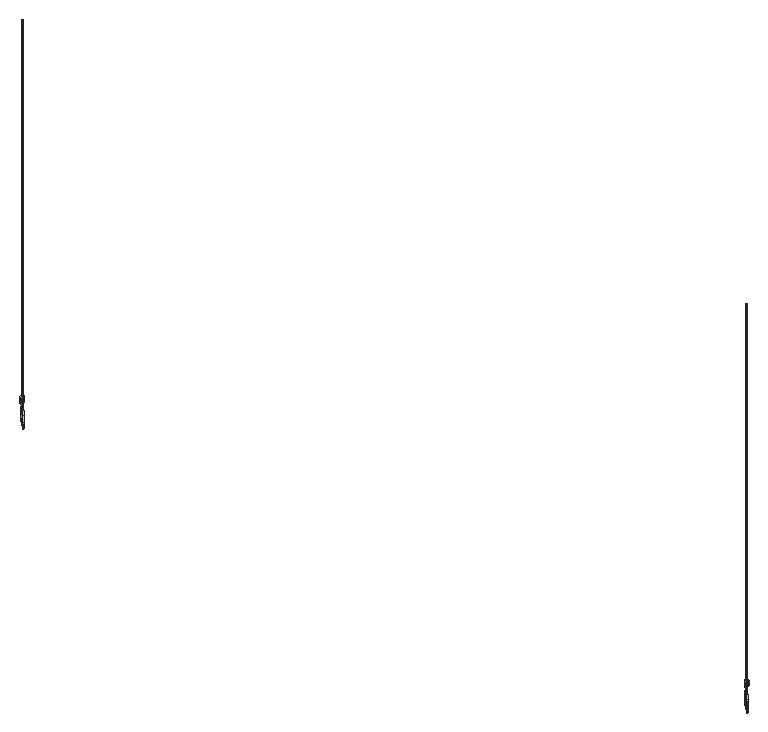
Revit family "Wire_Array-HunterDouglas-Lay-In", category Specialty Equipment, Revit 2013
Parameters (values of type "Parametric")
  ecoScorecard_data = "http://products.ecoscorecard.com/hunterdouglascontract/PTLI"
  ecoScorecard Product Page = "http://hunterdouglascontract.ecoscorecard.com/product/PTLI?base_search=product_category_A1035"
  Wire Visibility = yes
  Wire Hanger = Metal - Aluminum Frame - HunterDouglas - Painted White
  URL = "http://www.hunterdouglascontract.com/ceilings/index.jsp"
  Subcategory = "Metal – Plank and Tile"  # constant formula
  Product Line = "Lay-In"  # constant formula
  Perforations = "http://www.hunterdouglascontract.com/ceilings/metalsystems/plank/layin/index.jsp?t=perfPage"
  Overall Length [instance] = (# of Wires - 1) * Wire Spacing  # 4' - 0"
  Model = "Lay-In Hanger-Wire"  # constant formula
  Manufacturer = "Hunter Douglas Luxalon Metal Ceilings"  # constant formula
  Wire Spacing = 4' - 0"  # constant formula
  Hanger Wire Height [instance] = 2' - 0"
  Description = "Hanger-Wire"  # constant formula
  Default Elevation = 0' - 0"
  Color Finishes = "http://www.hunterdouglascontract.com/ceilings/metalsystems/plank/layin/index.jsp?t=colorPage"
  Assembly Code = "C3030200"
  95 CSI = "09510"  # constant formula
  04 CSI = "09 51 00"  # constant formula
  # of Wires = 2
Reference planes (in)
  plane 1 "Center (Front/Back)": y = 0
  plane 2: z = 0
  plane 3 "Center (Left/Right)": x = 0
  plane 4 "Left Edge": x = -24
  plane 5: x = 24
  plane 6: x = 24
  plane 7 "Ceiling Edge": z = 24
  plane 8 "Hanger Bottom": z = 2.4375
Dimensions and locks (in)
  equal spacing: plane 4 "Left Edge", plane 3 "Center (Left/Right)", plane 5
  "Overall Length": plane 4 "Left Edge" to plane 5
  "Wire Spacing": plane 4 "Left Edge" to plane 6
  "Hanger Wire Height": plane 7 "Ceiling Edge" to level
  locked: plane 8 "Hanger Bottom" to level at 2.4375
  group 1 to group 2 = 4' - 0"
  group 1 to group 2 = 0' - 0"  (x2)
  aligned and locked: level to plane 2
  aligned and locked: plane 4 "Left Edge" to nested 1
  aligned and locked: nested 1 to plane 1 "Center (Front/Back)"
  aligned and locked: nested 2 to plane 5
  aligned and locked: nested 2 to plane 1 "Center (Front/Back)"
  aligned and locked: nested 1 to level
  aligned and locked: nested 2 to level
Nested families (in)
  nested 1: "Wire" at (-24, 0, -1) x (0, 1, 0) z (0, 0, 1), visible <- "Wire Visibility", type "Wire"
  nested 2: "Wire" at (24, 0, -1) x (0, 1, 0) z (0, 0, 1), visible <- "Wire Visibility", type "Wire"
Definition of nested family "Wire"
  Parameters (values of type "Wire")
    Material = Metal - Aluminum Frame - HunterDouglas - Painted White
    HangerWire Length = 2' - 0"
  Reference planes (in)
    plane 1 "Center (Front/Back)": y = 0
    plane 2: z = 0
    plane 3 "Center (Left/Right)": x = 0
    plane 4: x = -0.77248
    plane 5: x = 0.77248
    plane 6: z = 1
    plane 7: z = 1.0625
    plane 8: z = 25
  Forms (in)
    Sweep 1, solid, material "Metal - Aluminum Frame - HunterDouglas - Painted White" <- "Material", detail levels fine
      path origin (0, 0, 0) x (0.707107, 0.707107, 0) y (0, 0, 1)
        loop
          line (0.03125, 25) -> (0.03125, 2.27043) -> (0.38236, 1.70385)
          arc (0.38236, 1.70385) -> (0.44435, 1.57873) -> (0.48166, 1.44416) r 0.73777
          line (0.48166, 1.44416) -> (0.5376, 1.12899)
          arc (0.5376, 1.12899) -> (0.51364, 1.03927) -> (0.42949, 1) r 0.1098
          line (0.42949, 1) -> (-0.42976, 1)
          arc (-0.42976, 1) -> (-0.51374, 1.03919) -> (-0.53765, 1.12872) r 0.10957
          line (-0.53765, 1.12872) -> (-0.48246, 1.43965)
          arc (-0.48246, 1.43965) -> (-0.44395, 1.57857) -> (-0.37995, 1.70774) r 0.76163
          line (-0.37995, 1.70774) -> (-0.0384, 2.25888)
      profile origin (-0.0001, -0.0001, 1) x (0, 0, -1) y (0.707107, -0.707107, 0)
        loop
          circle (-0.03125, 0) r 0.03125
    Revolve 2, solid, material "Metal - Aluminum Frame - HunterDouglas - Painted White" <- "Material", detail levels fine
      sketch origin (0.00705, -1.10535, 0.17393) x (0, 0.947216, -0.320596) y (0, 0.320596, 0.947216)
        loop
          line (0.2616, 2.72812) -> (0.19087, 2.72812)
          arc (0.19087, 2.72812) -> (0.15962, 2.69687) -> (0.19087, 2.66562) r 0.03125
          line (0.19087, 2.66562) -> (0.2616, 2.66562) -> (0.2616, 2.72812)
        axis (0.2616, 2.66562) -> (0.2616, 2.72812)
      angle from 0 to 360
    Revolve 3, solid, material "Metal - Aluminum Frame - HunterDouglas - Painted White" <- "Material", detail levels fine
      sketch origin (0.00705, -1.10535, 0.04197) x (0, 0.947216, -0.320596) y (0, 0.320596, 0.947216)
        loop
          line (0.2616, 2.72812) -> (0.19087, 2.72812)
          arc (0.19087, 2.72812) -> (0.15962, 2.69687) -> (0.19087, 2.66562) r 0.03125
          line (0.19087, 2.66562) -> (0.2616, 2.66562) -> (0.2616, 2.72812)
        axis (0.2616, 2.66562) -> (0.2616, 2.72812)
      angle from 0 to 360
    Revolve 4, solid, material "Metal - Aluminum Frame - HunterDouglas - Painted White" <- "Material", detail levels fine
      sketch origin (0.00705, -1.10535, 0.10916) x (0, 0.947216, -0.320596) y (0, 0.320596, 0.947216)
        loop
          line (0.2616, 2.72812) -> (0.19087, 2.72812)
          arc (0.19087, 2.72812) -> (0.15962, 2.69687) -> (0.19087, 2.66562) r 0.03125
          line (0.19087, 2.66562) -> (0.2616, 2.66562) -> (0.2616, 2.72812)
        axis (0.2616, 2.66562) -> (0.2616, 2.72812)
      angle from 0 to 360
    Revolve 5, solid, material "Metal - Aluminum Frame - HunterDouglas - Painted White" <- "Material", detail levels fine
      sketch origin (0.00705, -1.10535, -0.02357) x (0, 0.947216, -0.320596) y (0, 0.320596, 0.947216)
        loop
          line (0.2616, 2.72812) -> (0.19087, 2.72812)
          arc (0.19087, 2.72812) -> (0.15962, 2.69687) -> (0.19087, 2.66562) r 0.03125
          line (0.19087, 2.66562) -> (0.2616, 2.66562) -> (0.2616, 2.72812)
        axis (0.2616, 2.66562) -> (0.2616, 2.72812)
      angle from 0 to 360
    Revolve 6, solid, material "Metal - Aluminum Frame - HunterDouglas - Painted White" <- "Material", detail levels fine
      sketch origin (0.00705, -1.10535, -0.08912) x (0, 0.947216, -0.320596) y (0, 0.320596, 0.947216)
        loop
          line (0.2616, 2.72812) -> (0.19087, 2.72812)
          arc (0.19087, 2.72812) -> (0.15962, 2.69687) -> (0.19087, 2.66562) r 0.03125
          line (0.19087, 2.66562) -> (0.2616, 2.66562) -> (0.2616, 2.72812)
        axis (0.2616, 2.66562) -> (0.2616, 2.72812)
      angle from 0 to 360
    Revolve 7, solid, material "Metal - Aluminum Frame - HunterDouglas - Painted White" <- "Material", detail levels fine
      sketch origin (0.00705, -1.10535, -0.15857) x (0, 0.947216, -0.320596) y (0, 0.320596, 0.947216)
        loop
          line (0.2616, 2.72812) -> (0.19087, 2.72812)
          arc (0.19087, 2.72812) -> (0.15962, 2.69687) -> (0.19087, 2.66562) r 0.03125
          line (0.19087, 2.66562) -> (0.2616, 2.66562) -> (0.2616, 2.72812)
        axis (0.2616, 2.66562) -> (0.2616, 2.72812)
      angle from 0 to 360
  Lines and regions (in)
    model lines, style "Wire", detail levels coarse+medium
      curve 1: line (0, 0, 24.78125) -> (0, 0, 1.0625)
    symbolic lines, style "Wire", detail levels fine
      curve 2: line (-0.38204, -0.33784, 0) -> (-0.08282, -0.03863, 0)
      curve 3: line (0.38204, 0.33784, 0) -> (0.09664, 0.05243, 0)
      curve 4: arc (0.33784, 0.38204, 0) -> (0.38204, 0.38204, 0) -> (0.38204, 0.33784, 0) r 0.03125
      curve 5: arc (-0.38204, -0.33784, 0) -> (-0.38204, -0.38204, 0) -> (-0.33784, -0.38204, 0) r 0.03125
      curve 6: circle (0.00691, 0.00691, 0) r 0.10062 normal (0, 0, 1)
      curve 7: circle (0, 0, 0) r 0.03125 normal (0, 0, 1)
      curve 8: line (0.05244, 0.09663, 0) -> (0.33784, 0.38204, 0)
      curve 9: line (-0.03862, -0.08282, 0) -> (-0.33784, -0.38204, 0)
      curve 14: line (-0.03122, 0, 25) -> (0.03122, 0, 25)
      curve 15: line (0.03122, 0, 25) -> (0.03122, 0, 2.6706)
      curve 16: line (-0.02999, 0, 2.25367) -> (-0.27048, 0, 1.72302)
      curve 17: line (-0.39791, 0, 1.13333) -> (-0.33782, 0, 1.45596)
      curve 18: arc (-0.33782, 0, 1.45596) -> (-0.3161, 0, 1.5925) -> (-0.27048, 0, 1.72302) r 0.77561
      curve 19: arc (-0.39791, 0, 1.13333) -> (-0.37867, 0, 1.04643) -> (-0.30275, 0, 1) r 0.11373
      curve 20: line (0.08629, 0, 2.18161) -> (-0.02999, 0, 2.25367)
      curve 21: spline (-0.03122, 0, 2.25264) -> (-0.02944, 0, 2.25316) -> (-0.02594, 0, 2.25416) -> (-0.02092, 0, 2.2556) -> (-0.01467, 0, 2.25739) -> (-0.00756, 0, 2.25942) -> (0, 0, 2.26157) -> (0.00755, 0, 2.26372) -> (0.01466, 0, 2.26574) -> (0.02091, 0, 2.26751) -> (0.02594, 0, 2.26893) -> (0.02944, 0, 2.26992) -> (0.03122, 0, 2.27042)
      curve 22: line (0.00884, 0, 2.18794) -> (-0.21356, 0, 1.69722)
      curve 23: arc (-0.2757, 0, 1.44815) -> (-0.25593, 0, 1.5755) -> (-0.21356, 0, 1.69722) r 0.71311
      curve 24: line (-0.33647, 0, 1.12189) -> (-0.2757, 0, 1.44815)
      curve 25: arc (-0.33647, 0, 1.12189) -> (-0.3278, 0, 1.08274) -> (-0.2936, 0, 1.06183) r 0.05123
      curve 26: line (0.03122, 0, 25) -> (-0.03122, 0, 25)
      curve 27: line (-0.03122, 0, 25) -> (-0.03122, 0, 2.6921)
      curve 28: line (-0.2936, 0, 1.06183) -> (0, 0, 1.06183)
      curve 29: line (0, 0, 1) -> (-0.30275, 0, 1)
      curve 30: line (-0.03122, 0, 2.29502) -> (-0.03122, 0, 2.25095)
      curve 31: line (0.03122, 0, 2.25095) -> (0.27048, 0, 1.72302)
      curve 32: line (0.39791, 0, 1.13333) -> (0.33782, 0, 1.45596)
      curve 33: arc (0.33782, 0, 1.45596) -> (0.3161, 0, 1.5925) -> (0.27048, 0, 1.72302) r 0.77561
      curve 34: arc (0.39791, 0, 1.13333) -> (0.37867, 0, 1.04643) -> (0.30275, 0, 1) r 0.11373
      curve 35: spline (0.03122, 0, 2.25264) -> (0.02944, 0, 2.25316) -> (0.02594, 0, 2.25416) -> (0.02092, 0, 2.2556) -> (0.01467, 0, 2.25739) -> (0.00756, 0, 2.25942) -> (0, 0, 2.26157) -> (-0.00755, 0, 2.26372) -> (-0.01466, 0, 2.26574) -> (-0.02091, 0, 2.26751) -> (-0.02594, 0, 2.26893) -> (-0.02944, 0, 2.26992) -> (-0.03122, 0, 2.27042)
      curve 36: line (-0.00884, 0, 2.18794) -> (0.21356, 0, 1.69722)
      curve 37: arc (0.2757, 0, 1.44815) -> (0.25593, 0, 1.5755) -> (0.21356, 0, 1.69722) r 0.71311
      curve 38: line (0.33647, 0, 1.12189) -> (0.2757, 0, 1.44815)
      curve 39: arc (0.33647, 0, 1.12189) -> (0.3278, 0, 1.08274) -> (0.2936, 0, 1.06183) r 0.05123
      curve 40: line (0.2936, 0, 1.06183) -> (0, 0, 1.06183)
      curve 41: line (0, 0, 1) -> (0.30275, 0, 1)
      curve 42: line (0.03122, 0, 2.29502) -> (0.03122, 0, 2.25095)
      curve 43: line (0, 0.03122, 2.25095) -> (0, 0.27048, 1.72302)
      curve 44: line (0, 0.39791, 1.13333) -> (0, 0.33782, 1.45596)
      curve 45: arc (0, 0.33782, 1.45596) -> (0, 0.3161, 1.5925) -> (0, 0.27048, 1.72302) r 0.77561
      curve 46: arc (0, 0.39791, 1.13333) -> (0, 0.37867, 1.04643) -> (0, 0.30275, 1) r 0.11373
      curve 47: line (0, -0.00884, 2.18794) -> (0, 0.21356, 1.69722)
      curve 48: arc (0, 0.2757, 1.44815) -> (0, 0.25593, 1.5755) -> (0, 0.21356, 1.69722) r 0.71311
      curve 49: line (0, 0.33647, 1.12189) -> (0, 0.2757, 1.44815)
      curve 50: arc (0, 0.33647, 1.12189) -> (0, 0.3278, 1.08274) -> (0, 0.2936, 1.06183) r 0.05123
      curve 51: line (0, 0.2936, 1.06183) -> (0, 0, 1.06183)
      curve 52: line (0, 0, 1) -> (0, 0.30275, 1)
      curve 53: line (0, -0.03122, 2.25095) -> (0, -0.27048, 1.72302)
      curve 54: line (0, -0.39791, 1.13333) -> (0, -0.33782, 1.45596)
      curve 55: arc (0, -0.33782, 1.45596) -> (0, -0.3161, 1.5925) -> (0, -0.27048, 1.72302) r 0.77561
      curve 56: arc (0, -0.39791, 1.13333) -> (0, -0.37867, 1.04643) -> (0, -0.30275, 1) r 0.11373
      curve 57: line (0, 0.00884, 2.18794) -> (0, -0.21356, 1.69722)
      curve 58: arc (0, -0.2757, 1.44815) -> (0, -0.25593, 1.5755) -> (0, -0.21356, 1.69722) r 0.71311
      curve 59: line (0, -0.33647, 1.12189) -> (0, -0.2757, 1.44815)
      curve 60: arc (0, -0.33647, 1.12189) -> (0, -0.3278, 1.08274) -> (0, -0.2936, 1.06183) r 0.05123
      curve 61: line (0, -0.2936, 1.06183) -> (0, 0, 1.06183)
      curve 62: line (0, 0, 1) -> (0, -0.30275, 1)
      curve 63: line (0, -0.03122, 2.29502) -> (0, -0.03122, 2.25095)
      curve 64: line (0, -0.04684, 2.69748) -> (0, 0.08788, 2.65109)
      curve 65: line (0, -0.07537, 2.64108) -> (0, 0.06749, 2.59189)
      curve 66: arc (0, 0.08788, 2.65109) -> (0, 0.10729, 2.6113) -> (0, 0.06749, 2.59189) r 0.03131
      curve 67: arc (0, -0.04684, 2.69748) -> (0, -0.08569, 2.68172) -> (0, -0.07537, 2.64108) r 0.0319
      curve 68: arc (0, 0.08788, 2.58487) -> (0, 0.10784, 2.54687) -> (0, 0.0711, 2.52466) r 0.03131
      curve 69: arc (0, -0.04684, 2.63126) -> (0, -0.08551, 2.61585) -> (0, -0.07602, 2.57532) r 0.0319
      curve 70: line (0, -0.07602, 2.57532) -> (0, 0.0711, 2.52466)
      curve 71: arc (0, 0.08788, 2.51865) -> (0, 0.10784, 2.48065) -> (0, 0.0711, 2.45844) r 0.03131
      curve 72: arc (0, -0.04684, 2.56504) -> (0, -0.08551, 2.54963) -> (0, -0.07602, 2.5091) r 0.0319
      curve 73: line (0, -0.07602, 2.5091) -> (0, 0.0711, 2.45844)
      curve 74: arc (0, 0.08788, 2.45243) -> (0, 0.10784, 2.41443) -> (0, 0.0711, 2.39222) r 0.03131
      curve 75: arc (0, -0.04684, 2.49882) -> (0, -0.08551, 2.48341) -> (0, -0.07602, 2.44288) r 0.0319
      curve 76: line (0, -0.07602, 2.44288) -> (0, 0.0711, 2.39222)
      curve 77: arc (0, 0.08788, 2.38621) -> (0, 0.10784, 2.34821) -> (0, 0.0711, 2.326) r 0.03131
      curve 78: arc (0, -0.04684, 2.4326) -> (0, -0.08551, 2.41719) -> (0, -0.07602, 2.37666) r 0.0319
      curve 79: line (0, -0.07602, 2.37666) -> (0, 0.0711, 2.326)
      curve 80: arc (0, 0.08788, 2.31999) -> (0, 0.10784, 2.28199) -> (0, 0.0711, 2.25978) r 0.03131
      curve 81: arc (0, -0.04684, 2.36638) -> (0, -0.08551, 2.35097) -> (0, -0.07602, 2.31044) r 0.0319
      curve 82: line (0, -0.07602, 2.31044) -> (0, 0.0711, 2.25978)
      curve 83: line (0, -0.03122, 2.29502) -> (0, -0.03122, 2.25095)
      curve 84: spline (0, 0.03122, 2.25264) -> (0, 0.02944, 2.25316) -> (0, 0.02594, 2.25416) -> (0, 0.02092, 2.2556) -> (0, 0.01467, 2.25739) -> (0, 0.00756, 2.25942) -> (0, 0, 2.26157) -> (0, -0.00755, 2.26372) -> (0, -0.01466, 2.26574) -> (0, -0.02091, 2.26751) -> (0, -0.02594, 2.26893) -> (0, -0.02944, 2.26992) -> (0, -0.03122, 2.27042)
      curve 85: line (0, 0.03122, 2.27352) -> (0, 0.03122, 2.25095)
    symbolic lines, style "Wire"
      curve 10: line (0, 0.03125, 25) -> (0, -0.03125, 25)
      curve 11: line (0, -0.03125, 25) -> (0, -0.03125, 2.61415)
      curve 12: arc (0, 0.03125, 2.61415) -> (0, 0, 2.60466) -> (0, -0.03125, 2.61415) r 0.05621
      curve 13: line (0, 0.03125, 2.61415) -> (0, 0.03125, 25)
      curve 86: arc (-0.07801, 0, 2.34631) -> (-0.09482, 0, 2.38088) -> (-0.07483, 0, 2.41372) r 0.04011
      curve 87: arc (-0.07459, 0, 2.41386) -> (-0.03526, 0, 2.42961) -> (0.00686, 0, 2.43417) r 0.15569
      curve 88: arc (0.09173, 0, 2.34631) -> (0.10854, 0, 2.38088) -> (0.08855, 0, 2.41372) r 0.04011
      curve 89: arc (0.0883, 0, 2.41386) -> (0.04898, 0, 2.42961) -> (0.00686, 0, 2.43417) r 0.15569
      curve 90: arc (-0.07483, 0, 2.41372) -> (-0.09482, 0, 2.44663) -> (-0.07788, 0, 2.48122) r 0.04011
      curve 91: arc (-0.07459, 0, 2.48331) -> (-0.03526, 0, 2.49906) -> (0.00686, 0, 2.50362) r 0.15569
      curve 92: arc (0.08855, 0, 2.41372) -> (0.10858, 0, 2.44859) -> (0.0883, 0, 2.48331) r 0.04011
      curve 93: arc (0.0883, 0, 2.48331) -> (0.04898, 0, 2.49906) -> (0.00686, 0, 2.50362) r 0.15569
      curve 94: arc (-0.07788, 0, 2.48122) -> (-0.09482, 0, 2.51594) -> (-0.07459, 0, 2.54885) r 0.04011
      curve 95: arc (-0.07459, 0, 2.54885) -> (-0.03526, 0, 2.5646) -> (0.00686, 0, 2.56916) r 0.15569
      curve 96: arc (0.0916, 0, 2.48122) -> (0.10853, 0, 2.51594) -> (0.0883, 0, 2.54885) r 0.04011
      curve 97: arc (0.0883, 0, 2.54885) -> (0.04898, 0, 2.5646) -> (0.00686, 0, 2.56916) r 0.15569
      curve 98: arc (-0.07788, 0, 2.54676) -> (-0.09486, 0, 2.57953) -> (-0.07788, 0, 2.6123) r 0.04011
      curve 99: arc (-0.07459, 0, 2.61439) -> (-0.03526, 0, 2.63014) -> (0.00686, 0, 2.6347) r 0.15569
      curve 100: arc (0.0916, 0, 2.54676) -> (0.10858, 0, 2.57953) -> (0.0916, 0, 2.6123) r 0.04011
      curve 101: arc (0.0883, 0, 2.61439) -> (0.04898, 0, 2.63014) -> (0.00686, 0, 2.6347) r 0.15569
      curve 102: arc (-0.07788, 0, 2.6123) -> (-0.09482, 0, 2.64702) -> (-0.07459, 0, 2.67994) r 0.04011
      curve 103: arc (-0.07459, 0, 2.67994) -> (-0.03526, 0, 2.69568) -> (0.00686, 0, 2.70024) r 0.15569
      curve 104: arc (0.0916, 0, 2.6123) -> (0.10853, 0, 2.64702) -> (0.0883, 0, 2.67994) r 0.04011
      curve 105: arc (0.0883, 0, 2.67994) -> (0.04898, 0, 2.69568) -> (0.00686, 0, 2.70024) r 0.15569
      curve 106: arc (-0.07788, 0, 2.28068) -> (-0.09482, 0, 2.31541) -> (-0.07459, 0, 2.34832) r 0.04011
      curve 107: arc (-0.07801, 0, 2.34631) -> (-0.03718, 0, 2.36357) -> (0.00686, 0, 2.36863) r 0.15569
      curve 108: arc (0.0916, 0, 2.28068) -> (0.10853, 0, 2.31541) -> (0.0883, 0, 2.34832) r 0.04011
      curve 109: arc (0.09173, 0, 2.34631) -> (0.0509, 0, 2.36357) -> (0.00686, 0, 2.36863) r 0.15569
      curve 110: arc (-0.07788, 0, 2.28068) -> (-0.05245, 0, 2.26733) -> (-0.02439, 0, 2.26121) r 0.10721
      curve 111: arc (0.0916, 0, 2.28068) -> (0.06617, 0, 2.26733) -> (0.03811, 0, 2.26121) r 0.10721
  Dimensions and locks (in)
    equal spacing: plane 4, plane 3 "Center (Left/Right)", plane 5
    plane 4 to plane 5 = 0' - 1.54495"
    locked: plane 6 to plane 7 at 0.0625
    locked: plane 6 to level at 1
    "HangerWire Length": plane 8 to plane 6
    aligned and locked: level to plane 2
    aligned and locked: Sweep 1 sketch curve to plane 6
    aligned and locked: curve 1 to plane 3 "Center (Left/Right)"
    aligned and locked: plane 7 to curve 1
    aligned and locked: plane 8 to curve 26
    aligned and locked: plane 8 to Sweep 1 sketch curve
    aligned and locked: curve 10 to plane 8
  Automatic sketch dimensions
    curve 12 to plane 1 "Center (Front/Back)" = 0' - 0"
    plane 1 "Center (Front/Back)" to curve 11 = 0' - 0 1/32"
    curve 13 to plane 1 "Center (Front/Back)" = 0' - 0 1/32"
    curve 12 to curve 12 = 0' - 0.04672"
    curve 18 to curve 23 = 0' - 0"  (x2)
    curve 19 to curve 25 = 0' - 0"  (x2)
    curve 33 to curve 37 = 0' - 0"  (x2)
    curve 34 to curve 39 = 0' - 0"  (x2)
    curve 19 to plane 6 = 0' - 0"
    curve 41 to plane 3 "Center (Left/Right)" = 0' - 0"
    curve 40 to plane 3 "Center (Left/Right)" = 0' - 0"
    curve 35 to plane 3 "Center (Left/Right)" = 0' - 0"
    curve 36 to plane 3 "Center (Left/Right)" = 0' - 0.00884"
    curve 16 to plane 3 "Center (Left/Right)" = 0' - 0.02999"
    curve 14 to plane 3 "Center (Left/Right)" = 0' - 0.03122"
    curve 35 to curve 16 = 0' - 0.00123"
    curve 21 to curve 21 = 0' - 0.00021"
    curve 22 to plane 3 "Center (Left/Right)" = 0' - 0.21356"
    curve 18 to curve 23 = 0' - 0.05693"
    curve 23 to curve 22 = 0' - 0.06215"
    plane 7 to curve 19 = 0' - 0.05001"
    curve 19 to plane 3 "Center (Left/Right)" = 0' - 0.2861"
    curve 25 to plane 7 = 0' - 0.00067"
    curve 25 to curve 19 = 0' - 0.0075"
    curve 29 to curve 28 = 0' - 0.00915"
    curve 25 to curve 19 = 0' - 0.05037"
    curve 17 to curve 23 = 0' - 0.06212"
    plane 7 to curve 17 = 0' - 0.07083"
    curve 37 to curve 17 = 0' - 0.09814"
    plane 3 "Center (Left/Right)" to curve 21 = 0' - 0"
    plane 3 "Center (Left/Right)" to curve 22 = 0' - 0.00884"
    plane 3 "Center (Left/Right)" to curve 42 = 0' - 0.03122"
    plane 3 "Center (Left/Right)" to curve 14 = 0' - 0.03122"
    curve 35 to curve 31 = 0' - 0"
    curve 35 to curve 35 = 0' - 0.00021"
    curve 22 to curve 20 = 0' - 0.07745"
    plane 3 "Center (Left/Right)" to curve 37 = 0' - 0.21356"
    curve 36 to curve 31 = 0' - 0.05693"
    curve 37 to curve 38 = 0' - 0.06215"
    plane 7 to curve 39 = 0' - 0.05001"
    plane 3 "Center (Left/Right)" to curve 39 = 0' - 0.2861"
    curve 34 to curve 40 = 0' - 0.0075"
    curve 39 to curve 34 = 0' - 0.00915"
    curve 34 to curve 39 = 0' - 0.05037"
    curve 38 to curve 33 = 0' - 0.06212"
    curve 38 to curve 34 = 0' - 0.06144"
    curve 33 to curve 23 = 0' - 0.09814"
    curve 19 to curve 33 = 0' - 0 69/256"
    curve 34 to curve 18 = 0' - 0 69/256"
    curve 33 to curve 23 = 0' - 0.04529"
    curve 18 to curve 37 = 0' - 0.04529"
    curve 38 to curve 32 = 0' - 0 1/128"
    curve 23 to curve 18 = 0' - 0 1/128"
    curve 33 to curve 20 = 0' - 0.4586"
    curve 20 to curve 36 = 0' - 0.00633"
    curve 22 to curve 36 = 0' - 0"
    curve 36 to curve 30 = 0' - 0.06301"
    curve 42 to curve 16 = 0' - 0.00272"
    curve 31 to curve 35 = 0' - 0.00163"
    curve 30 to curve 21 = 0' - 0.00163"
    curve 35 to curve 35 = 0' - 0.00006"
    curve 21 to curve 21 = 0' - 0.00006"
    curve 35 to curve 30 = 0' - 0.0246"
    curve 21 to curve 42 = 0' - 0.0246"
    curve 42 to curve 15 = 0' - 0.37558"
    curve 15 to curve 27 = 0' - 0.0215"
    plane 1 "Center (Front/Back)" to curve 7 = 0' - 0"
    curve 7 to plane 3 "Center (Left/Right)" = 0' - 0"
    curve 9 to plane 3 "Center (Left/Right)" = 0' - 0.03862"
    plane 1 "Center (Front/Back)" to curve 2 = 0' - 0.03863"
    curve 2 to curve 9 = 0' - 0.0442"
    curve 5 to plane 3 "Center (Left/Right)" = 0' - 0.33784"
    curve 5 to curve 9 = 0' - 0.0221"
    curve 5 to curve 5 = 0' - 0.0221"
    plane 3 "Center (Left/Right)" to curve 6 = 0' - 0.00691"
    plane 3 "Center (Left/Right)" to curve 8 = 0' - 0.05244"
    curve 8 to curve 3 = 0' - 0.0442"
    plane 3 "Center (Left/Right)" to curve 4 = 0' - 0.33784"
    curve 4 to curve 4 = 0' - 0.0221"
    curve 4 to curve 3 = 0' - 0.0221"
    curve 9 to curve 2 = 0' - 0.0442"
    plane 1 "Center (Front/Back)" to curve 2 = 0' - 0.33784"
    curve 5 to curve 2 = 0' - 0.0221"
    curve 4 to plane 1 "Center (Front/Back)" = 0' - 0.33784"
    curve 3 to curve 4 = 0' - 0.0221"
    plane 7 to Sweep 1 sketch curve = 0' - 0.06622"
    plane 7 to Sweep 1 sketch curve = 0' - 0.37715"
    Sweep 1 sketch curve to Sweep 1 sketch curve = 0' - 0.05519"
    Sweep 1 sketch curve to Sweep 1 sketch curve = 0' - 0.10788"
    Sweep 1 sketch curve to Sweep 1 sketch curve = 0' - 0.10251"
    Sweep 1 sketch curve to Sweep 1 sketch curve = 0' - 0.2377"
    plane 7 to Sweep 1 sketch curve = 0' - 1.19638"
    Sweep 1 sketch curve to Sweep 1 sketch curve = 0' - 0.34154"
    Sweep 1 sketch curve to Sweep 1 sketch curve = 0' - 0.06965"
    plane 7 to Sweep 1 sketch curve = 0' - 0.24405"
    Sweep 1 sketch curve to Sweep 1 sketch curve = 0' - 0.51221"
    Sweep 1 sketch curve to Sweep 1 sketch curve = 0' - 0.1149"
    Sweep 1 sketch curve to Sweep 1 sketch curve = 0' - 0.16204"
    Sweep 1 sketch curve to Sweep 1 sketch curve = 0' - 0.21421"
    plane 7 to Sweep 1 sketch curve = 0' - 0.06649"
    Sweep 1 sketch curve to Sweep 1 sketch curve = 0' - 0.10811"
    plane 7 to Sweep 1 sketch curve = 0' - 0.25273"
    Sweep 1 sketch curve to Sweep 1 sketch curve = 0' - 0.13761"
    Sweep 1 sketch curve to Sweep 1 sketch curve = 0' - 0.01154"
    Sweep 1 sketch curve to profile plane = 0' - 0"
    profile plane to Sweep 1 sketch curve = 0' - 0 1/32"
    plane 1 "Center (Front/Back)" to Revolve 2 sketch curve = 0' - 0.06997"
    plane 7 to Revolve 2 sketch curve = 0' - 1.57516"
    Revolve 2 sketch curve to Revolve 2 sketch curve = 0' - 0.07074"
    Revolve 2 sketch curve to Revolve 2 sketch curve = 0' - 0"  (x2)
    Revolve 2 sketch curve to Revolve 2 sketch curve = 0' - 0 1/32"
    Revolve 2 sketch curve to Revolve 2 sketch curve = 0' - 0.02781"
    plane 1 "Center (Front/Back)" to Revolve 3 sketch curve = 0' - 0.06997"
    plane 7 to Revolve 3 sketch curve = 0' - 1.44319"
    Revolve 3 sketch curve to Revolve 3 sketch curve = 0' - 0.07074"
    Revolve 3 sketch curve to Revolve 3 sketch curve = 0' - 0"  (x2)
    Revolve 3 sketch curve to Revolve 3 sketch curve = 0' - 0 1/32"
    Revolve 3 sketch curve to Revolve 3 sketch curve = 0' - 0.02781"
    curve 45 to curve 48 = 0' - 0"  (x2)
    curve 46 to curve 50 = 0' - 0"  (x2)
    curve 55 to curve 58 = 0' - 0"  (x2)
    curve 56 to curve 60 = 0' - 0"  (x2)
    plane 6 to curve 46 = 0' - 0"
    curve 61 to plane 1 "Center (Front/Back)" = 0' - 0"
    curve 52 to plane 1 "Center (Front/Back)" = 0' - 0"
    curve 57 to plane 1 "Center (Front/Back)" = 0' - 0.00884"
    curve 85 to plane 1 "Center (Front/Back)" = 0' - 0.03122"
    curve 84 to curve 43 = 0' - 0"
    curve 84 to curve 84 = 0' - 0.00021"
    curve 65 to plane 1 "Center (Front/Back)" = 0' - 0.06749"
    curve 73 to plane 1 "Center (Front/Back)" = 0' - 0.0711"
    curve 68 to curve 71 = 0' - 0"
    curve 79 to curve 85 = 0' - 0.03988"
    curve 82 to curve 84 = 0' - 0.03967"
    curve 76 to curve 73 = 0' - 0"
    curve 74 to curve 74 = 0' - 0.00658"
    curve 68 to curve 68 = 0' - 0.00658"
    curve 77 to curve 79 = 0' - 0.00658"
    curve 80 to curve 80 = 0' - 0.00658"
    curve 71 to curve 73 = 0' - 0.00658"
    curve 66 to curve 66 = 0' - 0.01019"
    curve 80 to curve 79 = 0' - 0.01678"
    curve 77 to curve 76 = 0' - 0.01678"
    curve 64 to curve 66 = 0' - 0.01019"
    curve 71 to curve 70 = 0' - 0.01678"
    curve 68 to curve 66 = 0' - 0.02038"
    curve 74 to curve 73 = 0' - 0.01678"
    curve 48 to plane 1 "Center (Front/Back)" = 0' - 0.21356"
    curve 45 to curve 47 = 0' - 0.05693"
    curve 48 to curve 48 = 0' - 0.06215"
    plane 7 to curve 46 = 0' - 0.05001"
    curve 46 to plane 1 "Center (Front/Back)" = 0' - 0.2861"
    curve 50 to plane 7 = 0' - 0.00067"
    curve 50 to curve 46 = 0' - 0.0075"
    curve 52 to curve 50 = 0' - 0.00915"
    plane 7 to curve 49 = 0' - 0.05939"
    curve 44 to curve 48 = 0' - 0.06212"
    curve 46 to curve 49 = 0' - 0.06144"
    curve 55 to curve 45 = 0' - 0.09814"
    plane 1 "Center (Front/Back)" to curve 84 = 0' - 0"
    plane 1 "Center (Front/Back)" to curve 47 = 0' - 0.00884"
    plane 1 "Center (Front/Back)" to curve 83 = 0' - 0.03122"
    plane 1 "Center (Front/Back)" to curve 64 = 0' - 0.04684"
    plane 1 "Center (Front/Back)" to curve 69 = 0' - 0.04684"
    plane 1 "Center (Front/Back)" to curve 72 = 0' - 0.04684"
    plane 1 "Center (Front/Back)" to curve 81 = 0' - 0.04684"
    plane 1 "Center (Front/Back)" to curve 78 = 0' - 0.04684"
    plane 1 "Center (Front/Back)" to curve 75 = 0' - 0.04684"
    curve 72 to curve 72 = 0' - 0.01039"
    curve 67 to curve 67 = 0' - 0.01039"
    curve 81 to curve 81 = 0' - 0.01039"
    curve 69 to curve 69 = 0' - 0.01039"
    curve 78 to curve 78 = 0' - 0.01039"
    curve 75 to curve 75 = 0' - 0.01039"
    curve 69 to curve 67 = 0' - 0.02853"
    curve 75 to curve 73 = 0' - 0.02918"
    curve 72 to curve 69 = 0' - 0.02918"
    curve 81 to curve 81 = 0' - 0.01879"
    curve 78 to curve 75 = 0' - 0.02918"
    curve 81 to curve 79 = 0' - 0.02918"
    plane 1 "Center (Front/Back)" to curve 57 = 0' - 0.21356"
    curve 57 to curve 55 = 0' - 0.05693"
    curve 58 to curve 58 = 0' - 0.06215"
    plane 7 to curve 60 = 0' - 0.05001"
    plane 1 "Center (Front/Back)" to curve 60 = 0' - 0.2861"
    curve 56 to curve 60 = 0' - 0.0075"
    curve 60 to curve 62 = 0' - 0.00915"
    curve 56 to curve 60 = 0' - 0.05037"
    curve 58 to curve 55 = 0' - 0.06212"
    plane 7 to curve 54 = 0' - 0.07083"
    curve 54 to curve 45 = 0' - 0.09814"
    curve 56 to curve 45 = 0' - 0 69/256"
    curve 44 to curve 55 = 0' - 0 69/256"
    curve 45 to curve 59 = 0' - 0.04529"
    curve 55 to curve 49 = 0' - 0.04529"
    curve 58 to curve 54 = 0' - 0 1/128"
    curve 48 to curve 44 = 0' - 0 1/128"
    curve 57 to curve 47 = 0' - 0.49072"
    curve 57 to curve 47 = 0' - 0"
    curve 47 to curve 53 = 0' - 0.06301"
    curve 43 to curve 53 = 0' - 0"
    curve 43 to curve 84 = 0' - 0.00163"
    curve 84 to curve 84 = 0' - 0.00006"
    curve 84 to curve 80 = 0' - 0.00721"
    curve 84 to curve 85 = 0' - 0.02087"
    curve 80 to curve 80 = 0' - 0.03061"
    curve 80 to curve 79 = 0' - 0.00601"
    curve 81 to curve 81 = 0' - 0.02577"
    curve 79 to curve 77 = 0' - 0.03061"
    curve 81 to curve 79 = 0' - 0.01028"
    curve 77 to curve 74 = 0' - 0.00601"
    curve 78 to curve 78 = 0' - 0.02577"
    curve 74 to curve 74 = 0' - 0.03061"
    curve 78 to curve 75 = 0' - 0.01028"
    curve 74 to curve 73 = 0' - 0.00601"
    curve 75 to curve 75 = 0' - 0.02577"
    curve 73 to curve 71 = 0' - 0.03061"
    curve 75 to curve 72 = 0' - 0.01028"
    curve 71 to curve 68 = 0' - 0.00601"
    curve 72 to curve 72 = 0' - 0.02577"
    curve 68 to curve 68 = 0' - 0.03061"
    curve 72 to curve 69 = 0' - 0.01028"
    curve 68 to curve 66 = 0' - 0.00702"
    curve 70 to curve 69 = 0' - 0.02577"
    curve 66 to curve 66 = 0' - 0.0296"
    curve 65 to curve 67 = 0' - 0.02623"
    curve 86 to plane 3 "Center (Left/Right)" = 0' - 0.07801"
    curve 94 to plane 3 "Center (Left/Right)" = 0' - 0.07788"
    curve 98 to curve 94 = 0' - 0"
    curve 98 to curve 98 = 0' - 0"
    curve 107 to curve 110 = 0' - 0.00013"
    curve 86 to curve 90 = 0' - 0.00318"
    curve 102 to curve 99 = 0' - 0.0033"
    curve 98 to curve 95 = 0' - 0.0033"
    curve 90 to curve 87 = 0' - 0.00025"
    curve 86 to curve 106 = 0' - 0.00342"
    curve 94 to curve 91 = 0' - 0.0033"
    curve 94 to curve 95 = 0' - 0"
    curve 102 to curve 99 = 0' - 0"
    curve 103 to curve 102 = 0' - 0"
    curve 110 to curve 106 = 0' - 0.02313"
    curve 106 to curve 86 = 0' - 0.01984"
    curve 99 to curve 102 = 0' - 0.01984"
    curve 87 to curve 90 = 0' - 0.01984"
    curve 91 to curve 94 = 0' - 0.01984"
    curve 95 to curve 98 = 0' - 0.01984"
    curve 110 to plane 3 "Center (Left/Right)" = 0' - 0.02439"
    curve 110 to plane 3 "Center (Left/Right)" = 0' - 0.01579"
    plane 3 "Center (Left/Right)" to curve 107 = 0' - 0.00241"
    plane 3 "Center (Left/Right)" to curve 99 = 0' - 0.00241"
    plane 3 "Center (Left/Right)" to curve 91 = 0' - 0.00241"
    plane 3 "Center (Left/Right)" to curve 87 = 0' - 0.00241"
    plane 3 "Center (Left/Right)" to curve 103 = 0' - 0.00241"
    plane 3 "Center (Left/Right)" to curve 95 = 0' - 0.00241"
    plane 3 "Center (Left/Right)" to curve 103 = 0' - 0.00686"
    plane 3 "Center (Left/Right)" to curve 101 = 0' - 0.00686"
    plane 3 "Center (Left/Right)" to curve 97 = 0' - 0.00686"
    plane 3 "Center (Left/Right)" to curve 87 = 0' - 0.00686"
    plane 3 "Center (Left/Right)" to curve 109 = 0' - 0.00686"
    plane 3 "Center (Left/Right)" to curve 91 = 0' - 0.00686"
    curve 107 to curve 109 = 0' - 0.00891"
    curve 103 to curve 105 = 0' - 0.00891"
    curve 99 to curve 101 = 0' - 0.00891"
    curve 87 to curve 89 = 0' - 0.00891"
    curve 91 to curve 93 = 0' - 0.00891"
    curve 95 to curve 97 = 0' - 0.00891"
    curve 107 to curve 111 = 0' - 0.02264"
    curve 89 to curve 111 = 0' - 0.0268"
    curve 87 to curve 92 = 0' - 0.06161"
    curve 99 to curve 104 = 0' - 0.06161"
    curve 111 to curve 88 = 0' - 0.03896"
    curve 91 to curve 96 = 0' - 0.06161"
    curve 111 to curve 108 = 0' - 0.03036"
    curve 97 to curve 100 = 0' - 0.06161"
    curve 96 to curve 93 = 0' - 0.01984"
    curve 104 to curve 101 = 0' - 0.01984"
    curve 100 to curve 97 = 0' - 0.01984"
    curve 92 to curve 89 = 0' - 0.01984"
    curve 96 to curve 97 = 0' - 0"
    curve 104 to curve 104 = 0' - 0.01984"
    curve 105 to curve 104 = 0' - 0"
    curve 92 to curve 93 = 0' - 0"
    curve 88 to curve 108 = 0' - 0.01984"
    curve 89 to curve 88 = 0' - 0.00025"
    curve 108 to curve 111 = 0' - 0.02313"
    curve 92 to curve 96 = 0' - 0.0033"
    curve 101 to curve 100 = 0' - 0.0033"
    curve 96 to curve 100 = 0' - 0.0033"
    curve 108 to curve 109 = 0' - 0.00342"
    plane 7 to curve 107 = 0' - 1.1505"
    curve 109 to curve 107 = 0' - 0"
    curve 107 to curve 110 = 0' - 0.04821"
    curve 109 to curve 111 = 0' - 0.04821"
    curve 111 to curve 89 = 0' - 0.01733"
    curve 87 to curve 89 = 0' - 0"
    curve 111 to curve 108 = 0' - 0.01947"
    curve 110 to curve 110 = 0' - 0.01947"
    curve 111 to curve 108 = 0' - 0.03277"
    curve 110 to curve 106 = 0' - 0.03277"
    curve 109 to curve 108 = 0' - 0.00201"
    curve 93 to curve 107 = 0' - 0.02063"
    curve 91 to curve 93 = 0' - 0"
    curve 108 to curve 88 = 0' - 0.03068"
    curve 106 to curve 86 = 0' - 0.03068"
    curve 109 to curve 95 = 0' - 0.04491"
    curve 97 to curve 95 = 0' - 0"
    curve 90 to curve 87 = 0' - 0.00014"
    curve 87 to curve 90 = 0' - 0.03458"
    curve 101 to curve 91 = 0' - 0.02454"
    curve 99 to curve 101 = 0' - 0"
    curve 103 to curve 95 = 0' - 0.02454"
    curve 105 to curve 103 = 0' - 0"
    curve 100 to curve 96 = 0' - 0.00209"
    curve 98 to curve 95 = 0' - 0.00209"
    curve 97 to curve 100 = 0' - 0.03068"
    curve 100 to curve 101 = 0' - 0.00209"
    plane 1 "Center (Front/Back)" to Revolve 4 sketch curve = 0' - 0.06997"
    plane 7 to Revolve 4 sketch curve = 0' - 1.51039"
    Revolve 4 sketch curve to Revolve 4 sketch curve = 0' - 0.07074"
    Revolve 4 sketch curve to Revolve 4 sketch curve = 0' - 0"  (x2)
    Revolve 4 sketch curve to Revolve 4 sketch curve = 0' - 0 1/32"
    Revolve 4 sketch curve to Revolve 4 sketch curve = 0' - 0.02781"
    plane 1 "Center (Front/Back)" to Revolve 5 sketch curve = 0' - 0.06997"
    plane 7 to Revolve 5 sketch curve = 0' - 1.37765"
    Revolve 5 sketch curve to Revolve 5 sketch curve = 0' - 0.07074"
    Revolve 5 sketch curve to Revolve 5 sketch curve = 0' - 0"  (x2)
    Revolve 5 sketch curve to Revolve 5 sketch curve = 0' - 0 1/32"
    Revolve 5 sketch curve to Revolve 5 sketch curve = 0' - 0.02781"
    plane 1 "Center (Front/Back)" to Revolve 6 sketch curve = 0' - 0.06997"
    plane 7 to Revolve 6 sketch curve = 0' - 1.31211"
    Revolve 6 sketch curve to Revolve 6 sketch curve = 0' - 0.07074"
    Revolve 6 sketch curve to Revolve 6 sketch curve = 0' - 0"  (x2)
    Revolve 6 sketch curve to Revolve 6 sketch curve = 0' - 0 1/32"
    Revolve 6 sketch curve to Revolve 6 sketch curve = 0' - 0.02781"
    plane 1 "Center (Front/Back)" to Revolve 7 sketch curve = 0' - 0.06997"
    plane 7 to Revolve 7 sketch curve = 0' - 1.24266"
    Revolve 7 sketch curve to Revolve 7 sketch curve = 0' - 0.07074"
    Revolve 7 sketch curve to Revolve 7 sketch curve = 0' - 0"  (x2)
    Revolve 7 sketch curve to Revolve 7 sketch curve = 0' - 0 1/32"
    Revolve 7 sketch curve to Revolve 7 sketch curve = 0' - 0.02781"
    plane 7 to curve 12 = 0' - 1.59837"
    curve 1 to plane 8 = 0' - 0 7/32"
    radius of curve 7 = 0' - 0 1/32"
    radius of Sweep 1 sketch curve = 0' - 0 1/32"
